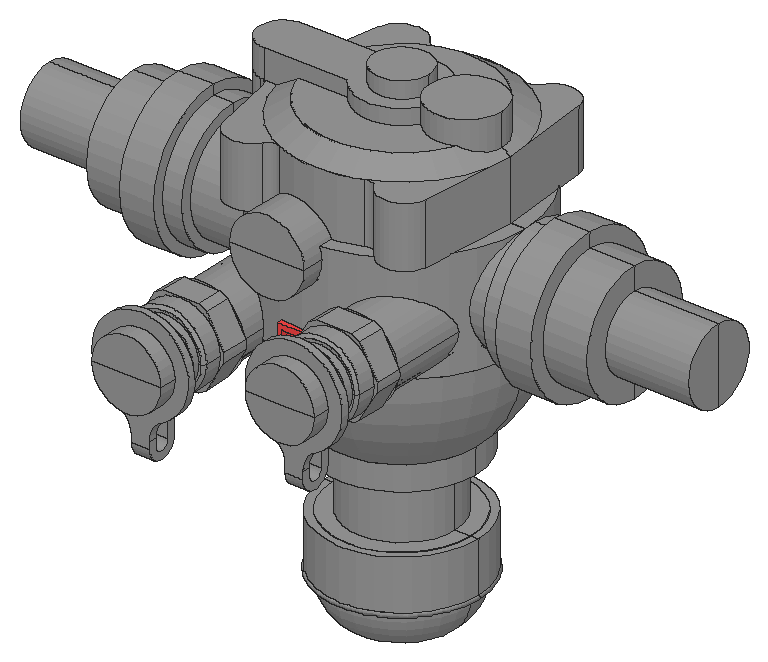
Revit family "Kombiventil 4006_M_SMART_SF_HF", category Rohrzubehör, Revit 2021
Family settings
  Bemaßung runder Anschluss = Durchmesser verwenden
  Teiletyp = Unterbricht
  OmniClass-Nummer = 23.65.55.14
  OmniClass-Titel = Valves for Liquid Services
  Arbeitsebenenbasiert = Nein
  Immer vertikal = Ja
  Beim Laden mit Abzugskörper schneiden = Nein
  Gemeinsam genutzt = Nein
Parameters (values of type "SF")
  kvs-Wert [instance] = if(and(SF, Nennweite = 15.00 mm), 1.75, if(and(HF, Nennweite = 15.00 mm), 2.62, if(and(SF, Nennweite = 20.00 mm), 2.62, if(and(HF, Nennweite = 20.00 mm), 3.54, 0))))  # 1.75
  Vorgabe-Ansicht = 0.00 mm
  VRL04 = 7.00 mm  # constant formula
  VRL03 = VRGT + 4.00 mm  # 11.00 mm
  VRL02 = 17.00 mm  # constant formula
  VRL01 = 30.00 mm  # constant formula
  VRGT = 7.00 mm  # constant formula
  VRD04 [instance] = D01 + 3.00 mm  # 13.00 mm
  VRD03 [instance] = D01 + 5.00 mm  # 15.00 mm
  VRD02 [instance] = VRD01 + 4.50 mm  # 12.00 mm
  VRD01 [instance] = Nennweite / 2  # 7.50 mm
  URL = "www.herz-armaturen.at"
  Stift = "Edelstahl 14301"  # constant formula
  SF [instance] = yes
  SCRNSEQ = "ARM;ARM_TYP=\"DURR\";2"
  SCRNCODE = "05;04;02"  # constant formula
  S04 = 25.00 mm  # constant formula
  S03 = 11.40 mm  # constant formula
  S02 = H02 - H01  # 20.10 mm
  S01 = 10.00 mm  # constant formula
  O-Ringe = "EPDM"  # constant formula
  Nennweite [instance] = 15.00 mm
  Min. Betriebstemperatur (reines Wasser) = 2 °C  # constant formula
  Min. Betriebstemperatur (Frostschutz) = -20 °C  # constant formula
  Membrangehäuse = "Messing CW602N"  # constant formula
  Membrane = "EPDM"  # constant formula
  Medium = "Wasserbeschaffenheit nach ÖNORM H 5195 und VDI 2035.\r\nDie Verwendung von Ethylen- Propylenglykol ist im Mischungsverhältnis 25 -50 Vol.-[%] zulässig."
  Max. Differenzdruck am Gehäuse = 600000.0 Pa  # constant formula
  Max. Betriebstemperatur = 130 °C  # constant formula
  Max. Betriebsdruck = 2500000.0 Pa  # constant formula
  ML01 = 29.00 mm  # constant formula
  MH03 = 9.00 mm  # constant formula
  MH02 = 3.50 mm  # constant formula
  MH01 = 8.50 mm  # constant formula
  MD01 = 7.50 mm  # constant formula
  LH01 = 5.00 mm  # constant formula
  ML04 = 17.00 mm  # constant formula
  ML03 = 4.00 mm  # constant formula
  ML02 = 14.00 mm  # constant formula
  L03 [instance] = size_lookup("4006M_S_SF_HF", "L3", 5.00 mm, Nennweite)  # 7.00 mm
  L02 = 34.00 mm  # constant formula
  L01 = 41.00 mm  # constant formula
  KH06 = 32.00 mm  # constant formula
  KH05 = 30.50 mm  # constant formula
  KH04 = 28.80 mm  # constant formula
  KH03 = 2.80 mm  # constant formula
  KH02 = 23.00 mm  # constant formula
  KH01 = 10.80 mm  # constant formula
  KD02 = 22.00 mm  # constant formula
  KD01 = 17.55 mm  # constant formula
  Impulsleitung = "Kupfer Cu-DHP (CW024A)"  # constant formula
  Hub = "4 mm"  # constant formula
  Hersteller = "HERZ Armaturen Ges.m.b.H."  # constant formula
  HF [instance] = no
  H06 = H01 + H03 - 9.00 mm  # 48.50 mm
  H05 = 5.00 mm  # constant formula
  H04 = 9.00 mm  # constant formula
  H03 = 20.50 mm  # constant formula
  H02 = 57.10 mm  # constant formula
  H01 = 37.00 mm  # constant formula
  Gehäuse = "DZR Messing CC770S"  # constant formula
  Durchfluss bei Einstellung 100% [instance] = if(and(SF, Nennweite = 15.00 mm), 0.22 L/s, if(and(HF, Nennweite = 15.00 mm), 0.33 L/s, if(and(SF, Nennweite = 20.00 mm), 0.33 L/s, if(and(HF, Nennweite = 20.00 mm), 0.56 L/s, 0.0 L/s))))  # 0.22 L/s
  Druckfeder = "Federstahl"  # constant formula
  D06 = 13.90 mm  # constant formula
  D05 = 15.00 mm  # constant formula
  D04 = 25.00 mm  # constant formula
  D03 = 19.50 mm  # constant formula
  D02 [instance] = size_lookup("4006M_S_SF_HF", "D2", 5.00 mm, Nennweite)  # 11.00 mm
  D01 [instance] = size_lookup("4006M_S_SF_HF", "D1", 5.00 mm, Nennweite)  # 10.00 mm
  Bestellnummer Verschraubung [instance] = if(Nennweite = 15.00 mm, 1622021, if(Nennweite = 20.00 mm, 1622012, 0))  # 1622021
  Bestellnummer [instance] = if(and(SF, Nennweite = 15.00 mm), 1400651, if(and(HF, Nennweite = 15.00 mm), 1400671, if(and(SF, Nennweite = 20.00 mm), 1400652, if(and(HF, Nennweite = 20.00 mm), 1400672, 0))))  # 1400651
  Bauschutzkappe = "Kunststoff"  # constant formula
  Anwendungsgebiet = "Das Kombiventil wird in allen pumpenbetriebenen Heiz- und Kühlanlagen eingesetzt.\r\nDer Regler begrenzt automatisch den Volumenstrom im gewählten Anlagenteil auf den einmal eingestellten Wert, indem alle Druckschwankungen gemessen und ausgeregelt werden.\r\nSomit sind keine Messungen erforderlich und die Regelung ist bei allen Betriebsbedingungen effektiv.\r\nDas Kombiventil regelt den Volumenstrom der ventileigenen Voreinstellung auf einen konstanten Wert; die Membran regelt aufgrund des Druckes unmittelbar nach dem Regeleinsatz, sowie des Druckes davor.\r\nDie Voreinstellung bezieht sich direkt auf den Volumenstrom; entsprechend kann die maximale Durchflussmenge bei der Montage direkt nach dem Diagramm eingestellt werden.\r\nSomit sind z.B. Heizungsstränge, Kühlwasserkreisläufe, Deckenstrahlplatten, Kühldecken und Lufterhitzer ohne Rücksicht auf die Druckverteilung in der Anlage ohne weiteres abgleichbar."
  Anschluss [instance] = if(and(SF, Nennweite = 15.00 mm), "3/4, AG flachdichtend", if(and(HF, Nennweite = 15.00 mm), "3/4, AG flachdichtend", if(and(SF, Nennweite = 20.00 mm), "1, AG flachdichtend", if(and(HF, Nennweite = 20.00 mm), "1, AG flachdichtend", "0, AG flachdichtend"))))  # "3/4, AG flachdichtend"
Types (3, lengths in mm): name | kvs-Wert | VRD04 | VRD03 | VRD02 | VRD01 | SF | Nennweite | L03 | HF | Durchfluss bei Einstellung 100% | D02 | D01 | Bestellnummer Verschraubung | Bestellnummer | Anschluss
  (no name) | 1.75 | 13.00 | 15.00 | 12.00 | 7.50 | yes | 15.00 | 7.00 | no | 0.22 L/s | 11.00 | 10.00 | 1622021 | 1400651 | "3/4, AG flachdichtend"
  SF | 1.75 | 13.00 | 15.00 | 12.00 | 7.50 | yes | 15.00 | 7.00 | no | 0.22 L/s | 11.00 | 10.00 | 1622021 | 1400651 | "3/4, AG flachdichtend"
  HF | 3.54 | 15.50 | 17.50 | 14.50 | 10.00 | no | 20.00 | 8.40 | yes | 0.56 L/s | 15.50 | 12.50 | 1622012 | 1400672 | "1, AG flachdichtend"
Reference planes
  plane 1 "Mitte (Vorne/hinten)": y = 0
  plane 2: z = 0
  plane 3 "Mitte (Links/rechts)": x = 0
Forms (mm)
  Revolve 1, solid, material "Messing, weicher Gelbton, geschweißt", detail levels fine
    sketch origin (0, 0, 0) x (1, 0, 0) y (0, 0, 1)
      loop
        line (-41, 0) -> (34, 0) -> (34, 10) -> (27, 10) -> (27, 11) -> (-34, 11) -> (-34, 10) -> (-41, 10) -> (-41, 0)
      axis (-41, 0) -> (34, 0)
    angle from 0 to 360
  Revolve 2, solid, material "Messing, weicher Gelbton, geschweißt", detail levels fine
    sketch origin (0, 0, 0) x (1, 0, 0) y (0, 0, 1)
      loop
        line (-41, 0) -> (-41, 10) -> (-34, 10) -> (-34, 13) -> (-38, 13) -> (-38, 15) -> (-45, 15) -> (-45, 12) -> (-54, 12) -> (-54, 7.5) -> (-71, 7.5) -> (-71, 0) -> (-41, 0)
      axis (-71, 0) -> (-34, 0)
    angle from 0 to 360
  Revolve 3, solid, material "Messing, weicher Gelbton, geschweißt", detail levels fine
    sketch origin (0, 0, 0) x (-1, 0, 0) y (0, 0, 1)
      loop
        line (-34, 0) -> (-34, 10) -> (-27, 10) -> (-27, 13) -> (-31, 13) -> (-31, 15) -> (-38, 15) -> (-38, 12) -> (-47, 12) -> (-47, 7.5) -> (-64, 7.5) -> (-64, 0) -> (-34, 0)
      axis (-64, 0) -> (-27, 0)
    angle from 0 to 360
  Revolve 4, solid, material "Messing, weicher Gelbton, geschweißt", detail levels fine
    sketch origin (0, 0, 0) x (1, 0, 0) y (0, 0, 1)
      loop
        line (0, -57.5) -> (13.9, -57.5) -> (13.9, -48.5) -> (10.75, -48.5) -> (10.75, -37) -> (15, -37) -> (15, -32)
        arc (15, -32) -> (22.372, -22.63) -> (25, -11) r 27.05
        line (25, -11) -> (25, 11) -> (19.5, 11) -> (19.5, 20.1) -> (0, 20.1) -> (0, -57.5)
      axis (0, 20.1) -> (0, -57.5)
    angle from 0 to 360
  Revolve 5, solid, material "Messing, weicher Gelbton, geschweißt", detail levels fine
    sketch origin (-18, 0, 8.5) x (1, 0, 0) y (0, 1, 0)
      loop
        line (14, 0) -> (14, -29) -> (21.5, -29) -> (21.5, 0) -> (14, 0)
      axis (14, 0) -> (14, -29)
    angle from 0 to 360
  Revolve 6, solid, material "Messing, weicher Gelbton, geschweißt", detail levels fine
    sketch origin (0, 0, -3.5) x (1, 0, 0) y (0, 1, 0)
      loop
        line (14, 0) -> (14, -29) -> (21.5, -29) -> (21.5, 0) -> (14, 0)
      axis (14, 0) -> (14, -29)
    angle from 0 to 360
  Revolve 7, solid, material "Messing, weicher Gelbton, geschweißt", detail levels fine
    sketch origin (-31, 0, -9) x (1, 0, 0) y (0, 1, 0)
      loop
        line (14, 0) -> (14, -29) -> (21.5, -29) -> (21.5, 0) -> (14, 0)
      axis (14, 0) -> (14, -29)
    angle from 0 to 360
  Extrusion 8, solid, material "Messing, weicher Gelbton, geschweißt", detail levels fine
    sketch origin (0, 0, 0) x (1, 0, 0) y (0, 1, 0)
      loop
        line (22, 0) -> (20.339, 19.316)
        arc (20.339, 19.316) -> (16.333, 23.302) -> (11.169, 21.006) r 5
        arc (11.169, 21.006) -> (10.07, 20.148) -> (8.677, 20.217) r 2
        arc (8.677, 20.217) -> (0, 22) -> (-8.677, 20.217) r 22
        arc (-8.677, 20.217) -> (-10.07, 20.148) -> (-11.169, 21.006) r 2
        arc (-11.169, 21.006) -> (-16.333, 23.302) -> (-20.339, 19.316) r 5
        line (-20.339, 19.316) -> (-22.758, 6.552)
        arc (-22.758, 6.552) -> (-23.338, 5.482) -> (-24.431, 4.946) r 2
        arc (-24.431, 4.946) -> (-28.7, 0) -> (-24.431, -4.946) r 5
        arc (-24.431, -4.946) -> (-23.338, -5.482) -> (-22.758, -6.552) r 2
        line (-22.758, -6.552) -> (-20.339, -19.316)
        arc (-20.339, -19.316) -> (-16.333, -23.302) -> (-11.169, -21.006) r 5
        arc (-11.169, -21.006) -> (-10.07, -20.148) -> (-8.677, -20.217) r 2
        arc (-8.677, -20.217) -> (0, -22) -> (8.677, -20.217) r 22
        arc (8.677, -20.217) -> (10.07, -20.148) -> (11.169, -21.006) r 2
        arc (11.169, -21.006) -> (16.333, -23.302) -> (20.339, -19.316) r 5
        line (20.339, -19.316) -> (22, 0)
    from 10.8 <- "KH01" to 23 <- "KH02"
  Revolve 9, solid, material "Messing, weicher Gelbton, geschweißt", detail levels fine
    sketch origin (0, 0, 0) x (1, 0, 0) y (0, 0, 1)
      loop
        line (0, 23) -> (22, 23) -> (17.55, 25.8) -> (0, 25.8) -> (0, 23)
      axis (0, 25.8) -> (0, 23)
    angle from 0 to 360
  Extrusion 10, solid, material "Messing, weicher Gelbton, geschweißt", detail levels fine
    sketch origin (0, 0, 0) x (1, 0, 0) y (0, 1, 0)
      loop
        arc (-23.7, 5) -> (-28.7, 0) -> (-23.7, -5) r 5
        line (-23.7, -5) -> (-6.997, -5)
        arc (-6.997, -5) -> (8.6, 0) -> (-6.997, 5) r 8.6
        line (-6.997, 5) -> (-23.7, 5)
    from 23 <- "KH02" to 28.8 <- "KH04"
  Extrusion 11, solid, material "Messing, weicher Gelbton, geschweißt", detail levels fine
    sketch origin (0, 0, 0) x (1, 0, 0) y (0, 1, 0)
      loop
        circle (13, 0) r 7.2
    from 23 <- "KH02" to 30.5 <- "KH05"
  Extrusion 12, solid, material "Messing, weicher Gelbton, geschweißt", detail levels fine
    sketch origin (0, 0, 0) x (1, 0, 0) y (0, 1, 0)
      loop
        circle (0, 0) r 5.5
    from 23 <- "KH02" to 32 <- "KH06"
Lines and regions (mm)
  model lines, detail levels coarse+medium
    curve 1: line (-41, 0, 11) -> (-41, 0, -11)
    curve 2: line (-41, 0, -11) -> (34, 0, 11)
    curve 3: line (34, 0, 11) -> (34, 0, -11)
    curve 4: line (34, 0, -11) -> (-41, 0, 11)
    curve 5: line (-41, 0, 11) -> (-51, 0, 11)
    curve 6: line (-51, 0, 11) -> (-41, 0, 0)
    curve 7: line (-41, 0, -11) -> (-51, 0, -11)
    curve 8: line (-51, 0, -11) -> (-41, 0, 0)
    curve 9: line (-41, 0, 0) -> (-71, 0, 0)
    curve 10: line (34, 0, 11) -> (44, 0, 11)
    curve 11: line (44, 0, 11) -> (34, 0, 0)
    curve 12: line (34, 0, -11) -> (44, 0, -11)
    curve 13: line (44, 0, -11) -> (34, 0, 0)
    curve 14: line (34, 0, 0) -> (64, 0, 0)
    curve 15: line (-22.25, 0, 5.5) -> (-3.5, 0, 11)
    curve 16: line (-3.5, 0, 11) -> (15.25, 0, 5.5)
    curve 17: line (-3.5, 0, 11) -> (-3.5, 0, 20.1)
    curve 18: spline (-3.5, 0, 31.5) -> (2.97, 0, 31.306) -> (9, 0, 30.736) -> (14.178, 0, 29.831) -> (18.151, 0, 28.65) -> (20.648, 0, 27.275) -> (21.5, 0, 25.8) -> (20.648, 0, 24.325) -> (18.151, 0, 22.95) -> (14.178, 0, 21.769) -> (9, 0, 20.864) -> (2.97, 0, 20.294) -> (-3.5, 0, 20.1) -> (-9.97, 0, 20.294) -> (-16, 0, 20.864) -> (-21.178, 0, 21.769) -> (-25.151, 0, 22.95) -> (-27.648, 0, 24.325) -> (-28.5, 0, 25.8) -> (-27.648, 0, 27.275) -> (-25.151, 0, 28.65) -> (-21.178, 0, 29.831) -> (-16, 0, 30.736) -> (-9.97, 0, 31.306) -> (-3.5, 0, 31.5)
    curve 19: line (-41, 11, 0) -> (-41, -11, 0)
    curve 20: line (-41, -11, 0) -> (34, 11, 0)
    curve 21: line (34, 11, 0) -> (34, -11, 0)
    curve 22: line (34, -11, 0) -> (-41, 11, 0)
    curve 23: line (-41, 11, 0) -> (-51, 11, 0)
    curve 24: line (-51, 11, 0) -> (-41, 0, 0)
    curve 25: line (-41, -11, 0) -> (-51, -11, 0)
    curve 26: line (-51, -11, 0) -> (-41, 0, 0)
    curve 27: line (34, 11, 0) -> (44, 11, 0)
    curve 28: line (44, 11, 0) -> (34, 0, 0)
    curve 29: line (34, -11, 0) -> (44, -11, 0)
    curve 30: line (44, -11, 0) -> (34, 0, 0)
    curve 31: line (-22.25, 5.5, 0) -> (-3.5, 13.039, 0)
    curve 32: line (-3.5, 13.039, 0) -> (15.25, 5.5, 0)
    curve 33: line (-3.5, 13.039, 0) -> (-3.5, 20.1, 0)
    curve 34: spline (-3.5, 31.5, 0) -> (-9.97, 31.306, 0) -> (-16, 30.736, 0) -> (-21.178, 29.831, 0) -> (-25.151, 28.65, 0) -> (-27.648, 27.275, 0) -> (-28.5, 25.8, 0) -> (-27.648, 24.325, 0) -> (-25.151, 22.95, 0) -> (-21.178, 21.769, 0) -> (-16, 20.864, 0) -> (-9.97, 20.294, 0) -> (-3.5, 20.1, 0) -> (2.97, 20.294, 0) -> (9, 20.864, 0) -> (14.178, 21.769, 0) -> (18.151, 22.95, 0) -> (20.648, 24.325, 0) -> (21.5, 25.8, 0) -> (20.648, 27.275, 0) -> (18.151, 28.65, 0) -> (14.178, 29.831, 0) -> (9, 30.736, 0) -> (2.97, 31.306, 0) -> (-3.5, 31.5, 0)
Dimensions and locks
  "L03": Revolve 1 sketch curve to Revolve 1 sketch curve  (x2)
  "D01": Revolve 1 sketch curve to plane 2  (x2)
  "D02": Revolve 1 sketch curve to plane 2
  "L01": Revolve 1 sketch curve to plane 3 "Mitte (Links/rechts)"
  "L02": Revolve 1 sketch curve to plane 3 "Mitte (Links/rechts)"
  "L01": plane 3 "Mitte (Links/rechts)" to Revolve 2 sketch curve
  "VRL01": Revolve 2 sketch curve to Revolve 2 sketch curve
  "VRL02": Revolve 2 sketch curve to Revolve 2 sketch curve
  "VRGT": Revolve 2 sketch curve to Revolve 2 sketch curve
  "VRL03": Revolve 2 sketch curve to Revolve 2 sketch curve
  "VRL04": Revolve 2 sketch curve to Revolve 2 sketch curve
  "D01": Revolve 2 sketch curve to plane 2
  "VRD04": Revolve 2 sketch curve to plane 2
  "VRD01": Revolve 2 sketch curve to plane 2
  "VRD02": Revolve 2 sketch curve to plane 2
  "VRD03": Revolve 2 sketch curve to plane 2
  "VRL01": Revolve 3 sketch curve to Revolve 3 sketch curve
  "VRL02": Revolve 3 sketch curve to Revolve 3 sketch curve
  "VRGT": Revolve 3 sketch curve to Revolve 3 sketch curve
  "VRL03": Revolve 3 sketch curve to Revolve 3 sketch curve
  "VRL04": Revolve 3 sketch curve to Revolve 3 sketch curve
  "L02": Revolve 3 sketch curve to plane 3 "Mitte (Links/rechts)"
  "VRD01": Revolve 3 sketch curve to plane 2
  "VRD02": Revolve 3 sketch curve to plane 2
  "VRD03": Revolve 3 sketch curve to plane 2
  "D01": Revolve 3 sketch curve to plane 2
  "VRD04": Revolve 3 sketch curve to plane 2
  "D05": Revolve 4 sketch curve to plane 3 "Mitte (Links/rechts)"
  "H01": plane 2 to Revolve 4 sketch curve
  "H03": Revolve 4 sketch curve to Revolve 4 sketch curve
  "H05": Revolve 4 sketch curve to Revolve 4 sketch curve
  "H04": Revolve 4 sketch curve to Revolve 4 sketch curve
  "D06": Revolve 4 sketch curve to plane 3 "Mitte (Links/rechts)"
  "H02": Revolve 4 sketch curve to Revolve 4 sketch curve
  "D02": Revolve 4 sketch curve to plane 2  (x2)
  "D02": plane 2 to Revolve 4 sketch curve
  "D04": Revolve 4 sketch curve to plane 3 "Mitte (Links/rechts)"
  "D03": Revolve 4 sketch curve to plane 3 "Mitte (Links/rechts)"
  "H06": plane 2 to nested 1
  "MD01": Revolve 5 sketch curve to Revolve 5 sketch curve
  "MH01": Revolve 5 to plane 2
  "ML03": Revolve 5 sketch curve to plane 3 "Mitte (Links/rechts)"  (x2)
  "ML01": Revolve 5 sketch curve to plane 1 "Mitte (Vorne/hinten)"
  "MD01": Revolve 6 sketch curve to Revolve 6 sketch curve
  "MH02": plane 2 to Revolve 6
  "ML01": Revolve 6 sketch curve to plane 1 "Mitte (Vorne/hinten)"
  "ML02": nested 1 to Revolve 6 sketch curve  (x2)
  "MD01": Revolve 7 sketch curve to Revolve 7 sketch curve
  "MH03": plane 2 to Revolve 7
  "ML04": Revolve 7 sketch curve to plane 3 "Mitte (Links/rechts)"  (x2)
  "ML01": Revolve 7 sketch curve to plane 1 "Mitte (Vorne/hinten)"
  "D04": nested 2 to plane 1 "Mitte (Vorne/hinten)"
  "LH01": plane 2 to nested 2
  "ML01": nested 3 to plane 1 "Mitte (Vorne/hinten)"
  "ML01": nested 4 to plane 1 "Mitte (Vorne/hinten)"
  "MH03": plane 2 to nested 3
  "ML04": plane 3 "Mitte (Links/rechts)" to nested 3
  "MH02": plane 2 to nested 4
  "ML02": nested 4 to plane 3 "Mitte (Links/rechts)"
  "KH02": Revolve 9 sketch curve to plane 2
  "KD01": Revolve 9 sketch curve to plane 3 "Mitte (Links/rechts)"
  "KD02": Revolve 9 sketch curve to plane 3 "Mitte (Links/rechts)"
  "KH03": Revolve 9 sketch curve to Revolve 9 sketch curve
  nested 1 to Extrusion 11 sketch curve = 13.00 mm
  "L01": curve 1 to plane 3 "Mitte (Links/rechts)"
  "L02": curve 3 to plane 3 "Mitte (Links/rechts)"
  "D02": curve 4 to plane 2 to curve 2
  "D02": curve 3 to plane 2 to curve 4
  "S01": curve 6 to curve 1
  "S01": curve 8 to curve 1
  "VRL01": curve 9 to curve 1
  "S01": curve 3 to curve 11
  "S01": curve 3 to curve 13
  "VRL01": curve 3 to curve 14
  equal spacing: curve 1, curve 16, curve 3
  equal spacing: curve 1, curve 15, curve 16
  equal spacing: curve 16, curve 16, curve 3
  "D02": curve 16 to plane 2
  "S02": curve 17 to plane 2
  "S03": curve 18 to curve 18
  equal spacing: curve 1, curve 18, curve 3
  "S04": curve 18 to curve 18
  "L01": curve 19 to plane 3 "Mitte (Links/rechts)"
  "L02": plane 3 "Mitte (Links/rechts)" to curve 21
  "D02": curve 20 to plane 1 "Mitte (Vorne/hinten)" to curve 22
  "D02": curve 22 to plane 1 "Mitte (Vorne/hinten)" to curve 21
  "S01": curve 24 to curve 19
  "S01": curve 26 to curve 19
  "S01": curve 21 to curve 28
  "S01": curve 21 to curve 30
  equal spacing: curve 19, curve 31, curve 18
  equal spacing: curve 18, curve 32, curve 21
  equal spacing: curve 19, curve 32, curve 21
  "S02": plane 1 "Mitte (Vorne/hinten)" to curve 33
  "S04": curve 34 to curve 34
  "S03": curve 34 to curve 34
  equal spacing: curve 19, curve 34, curve 21
  aligned and locked: level to plane 2
Automatic sketch dimensions
  Extrusion 8 sketch curve to Extrusion 8 sketch curve = 0.00 mm  (x7)
  plane 1 "Mitte (Vorne/hinten)" to Extrusion 8 sketch curve = 0.00 mm  (x3)
  Extrusion 8 sketch curve to plane 3 "Mitte (Links/rechts)" = 0.00 mm
  Extrusion 8 sketch curve to plane 3 "Mitte (Links/rechts)" = 9.466 mm  (x2)
  Extrusion 8 sketch curve to Extrusion 8 sketch curve = 5.961 mm  (x4)
  Extrusion 8 sketch curve to Extrusion 8 sketch curve = 4.913 mm  (x4)
  Extrusion 8 sketch curve to plane 1 "Mitte (Vorne/hinten)" = 6.552 mm
  Extrusion 8 sketch curve to Extrusion 8 sketch curve = 2.419 mm  (x2)
  plane 1 "Mitte (Vorne/hinten)" to Extrusion 8 sketch curve = 6.552 mm
  Extrusion 8 sketch curve to Extrusion 8 sketch curve = 0.942 mm
  Extrusion 8 sketch curve to Extrusion 8 sketch curve = 1.965 mm  (x2)
  plane 3 "Mitte (Links/rechts)" to Extrusion 8 sketch curve = 9.466 mm  (x2)
  Extrusion 8 sketch curve to Extrusion 8 sketch curve = 0.372 mm  (x2)
  plane 1 "Mitte (Vorne/hinten)" to Extrusion 8 sketch curve = 18.385 mm
  Extrusion 8 sketch curve to Extrusion 8 sketch curve = 11.833 mm  (x2)
  Extrusion 8 sketch curve to Extrusion 8 sketch curve = 0.931 mm  (x4)
  Extrusion 8 sketch curve to Extrusion 8 sketch curve = 3.669 mm  (x4)
  Extrusion 8 sketch curve to plane 1 "Mitte (Vorne/hinten)" = 18.385 mm
  Extrusion 8 sketch curve to Extrusion 8 sketch curve = 0.789 mm  (x2)
  Extrusion 8 sketch curve to Extrusion 8 sketch curve = 1.661 mm
  plane 1 "Mitte (Vorne/hinten)" to Extrusion 10 sketch curve = 0.00 mm  (x2)
  Extrusion 10 sketch curve to plane 3 "Mitte (Links/rechts)" = 6.997 mm
  Extrusion 10 sketch curve to plane 1 "Mitte (Vorne/hinten)" = 5.00 mm
  Extrusion 10 sketch curve to plane 3 "Mitte (Links/rechts)" = 0.00 mm
  Extrusion 10 sketch curve to Extrusion 10 sketch curve = 23.70 mm
  plane 1 "Mitte (Vorne/hinten)" to Extrusion 11 sketch curve = 0.00 mm
  plane 1 "Mitte (Vorne/hinten)" to Extrusion 12 sketch curve = 0.00 mm
  Extrusion 12 sketch curve to plane 3 "Mitte (Links/rechts)" = 0.00 mm
  curve 6 to level = 0.00 mm
  curve 13 to level = 0.00 mm
  plane 1 "Mitte (Vorne/hinten)" to curve 24 = 0.00 mm
  plane 1 "Mitte (Vorne/hinten)" to curve 30 = 0.00 mm
  curve 31 to curve 33 = 7.061 mm
  Revolve 1 sketch curve to level = 0.00 mm  (x2)
  Revolve 1 sketch curve to Revolve 1 sketch curve = 1469.03 mm
  Revolve 1 sketch curve to Revolve 1 sketch curve = 1801.648 mm
  Revolve 2 sketch curve to level = 0.00 mm  (x2)
  Revolve 2 sketch curve to Revolve 2 sketch curve = 1435.53 mm
  plane 3 "Mitte (Links/rechts)" to Revolve 2 sketch curve = 1839.148 mm
  Revolve 3 sketch curve to level = 0.00 mm  (x2)
  Revolve 3 sketch curve to Revolve 3 sketch curve = 1435.53 mm
  plane 3 "Mitte (Links/rechts)" to Revolve 3 sketch curve = 1839.148 mm
  Revolve 4 sketch curve to plane 3 "Mitte (Links/rechts)" = 0.00 mm  (x2)
  Revolve 4 sketch curve to Revolve 4 sketch curve = 4.25 mm
  Revolve 4 sketch curve to Revolve 4 sketch curve = 308.545 mm
  Revolve 4 sketch curve to Revolve 4 sketch curve = 2194.215 mm
  plane 1 "Mitte (Vorne/hinten)" to Revolve 5 sketch curve = 0.00 mm
  Revolve 5 sketch curve to Revolve 5 sketch curve = 7.506 mm
  Revolve 5 sketch curve to Revolve 5 sketch curve = 2.881 mm
  plane 1 "Mitte (Vorne/hinten)" to Revolve 6 sketch curve = 0.00 mm
  Revolve 6 sketch curve to Revolve 6 sketch curve = 7.506 mm
  Revolve 6 sketch curve to Revolve 6 sketch curve = 2.881 mm
  plane 1 "Mitte (Vorne/hinten)" to Revolve 7 sketch curve = 0.00 mm
  Revolve 7 sketch curve to Revolve 7 sketch curve = 6.829 mm
  Revolve 7 sketch curve to Revolve 7 sketch curve = 2.881 mm
  Revolve 9 sketch curve to plane 3 "Mitte (Links/rechts)" = 0.00 mm  (x2)
  Revolve 9 sketch curve to level = 366.045 mm
  Revolve 9 sketch curve to Revolve 9 sketch curve = 2188.515 mm
  radius of Extrusion 11 sketch curve = 7.20 mm
  radius of Extrusion 12 sketch curve = 5.50 mm
Nested families
  nested 1: "Bauschutzkappe" at (0, 0, -48.5), type "Bauschutzkappe", detail levels fine
  nested 2: "Herz-Logo-vorne" at (0, -25, -9.5) x (0, 1, 0) z (0, 0, 1), type "Herz-Logo-vorne", detail levels fine
  nested 3: "Messstutzen_Band_Eintritt" at (-17, -11.5, -9), type "Messstutzen_Band_Eintritt", detail levels fine
    with Schutzkappe yes, Nennweite 0.00 mm, Gewicht 0.00 kg, Bestellnummer 0
  nested 4: "Messstutzen_Band_Austritt" at (14, -11.5, -3.5), type "Messstutzen_Band_Austritt", detail levels fine
    with Schutzkappe yes, Nennweite 0.00 mm, Gewicht 0.00 kg, Bestellnummer 0
Connectors
  piping at (-71, 0, 0), diameter 15, driven by "Nennweite"
    settings: on Revolve 2, index 1, connector inside diameter 609.6 mm, connector length 0.00 mm, flow factor 0, pipe flow 0.0 L/s, pressure drop 0.0 Pa, fitting loss kfactor 0, connector angle 0.00°, fixture units 0, engagement length 0.00 mm, angle of deflection 0.00°, flow configuration 0, flow direction 1, fitting loss method 0, system type 29, joint type 0, gender type 0, connector reference index -1, connector utility 0, adjustable connector no, is connector primary yes, connector description ""
  piping at (64, 0, 0), diameter 15, driven by "Nennweite"
    settings: on Revolve 3, index 2, connector inside diameter 609.6 mm, connector length 0.00 mm, flow factor 0, pipe flow 0.0 L/s, pressure drop 0.0 Pa, fitting loss kfactor 0, connector angle 0.00°, fixture units 0, engagement length 0.00 mm, angle of deflection 0.00°, flow configuration 0, flow direction 2, fitting loss method 0, system type 29, joint type 0, gender type 0, connector reference index -1, connector utility 0, adjustable connector no, is connector primary no, connector description ""
Definition of nested family "Bauschutzkappe"
  Parameters (values of type "Bauschutzkappe")
    Default Elevation = 0.00 mm
  Reference planes
    plane 1 "Mitte (Vorne/hinten)": y = 0
    plane 2: z = 0
    plane 3 "Mitte (Links/rechts)": x = 0
  Forms (mm)
    Revolve 1, solid, detail levels fine
      sketch origin (0, 0, 0) x (1, 0, 0) y (0, 0, 1)
        loop
          line (0, 0) -> (-15.5, 0) -> (-15.5, -10.067)
          arc (-15.5, -10.067) -> (-15.733, -10.629) -> (-15.25, -11) r 0.5
          line (-15.25, -11) -> (-14.093, -11)
          arc (-14.093, -11) -> (-11.457, -17.364) -> (-5.093, -20) r 9
          line (-5.093, -20) -> (0, -20) -> (0, 0)
        axis (0, 0) -> (0, -20)
      angle from 0 to 360
  Dimensions and locks
    aligned and locked: level to plane 2
Definition of nested family "Herz-Logo-vorne"
  Parameters (values of type "Herz-Logo-vorne")
    Default Elevation = 0.00 mm
  Reference planes
    plane 1 "Mitte (Vorne/hinten)": y = 0
    plane 2: z = 0
    plane 3 "Mitte (Links/rechts)": x = 0
  Forms (mm)
    Extrusion 1, solid
      sketch origin (0.732, -0.018, 0.017) x (0, -1, 0) y (0, 0, 1)
        loop
          line (-0.018, -4.517) -> (4.482, -4.517) -> (4.482, 4.483) -> (-4.518, 4.483) -> (-4.518, -4.517) -> (-0.018, -4.517)
        loop
          line (-0.05, -3.48) -> (3.482, -3.48) -> (3.482, 3.483) -> (-3.518, 3.483) -> (-3.518, -3.48) -> (-0.05, -3.48)
        loop
          arc (-0.018, 2.383) -> (-1.543, 3.287) -> (-3.067, 2.383) r 1.738
          arc (-3.067, 2.383) -> (-3.191, 1.899) -> (-3.067, 1.415) r 1.009
          line (-3.067, 1.415) -> (-0.018, -3.281) -> (3.032, 1.415)
          arc (3.032, 1.415) -> (3.156, 1.899) -> (3.032, 2.383) r 1.009
          arc (3.032, 2.383) -> (1.507, 3.287) -> (-0.018, 2.383) r 1.738
        loop
          arc (1.885, 1.272) -> (2.005, 1.675) -> (1.885, 2.079) r 0.74
          arc (1.885, 2.079) -> (1.265, 2.416) -> (0.644, 2.079) r 0.74
          line (0.644, 2.079) -> (-0.018, 0.97) -> (-0.679, 2.079)
          arc (-0.679, 2.079) -> (-1.3, 2.416) -> (-1.921, 2.079) r 0.74
          arc (-1.921, 2.079) -> (-2.04, 1.675) -> (-1.921, 1.272) r 0.74
          line (-1.921, 1.272) -> (-0.018, -1.658) -> (1.885, 1.272)
      from 0 to 1.5
  Dimensions and locks
    aligned and locked: level to plane 2
Definition of nested family "Messstutzen_Band_Eintritt"
  Parameters (values of type "Messstutzen_Band_Eintritt")
    Default Elevation = 0.00 mm
    URL = "www.herz-armaturen.at"
    Schutzkappe [instance] = yes
    Nennweite [instance] = 0.00 mm
    Manufacturer = "Herz Armaturen GmbH"  # constant formula
    Gewicht [instance] = 0.00 kg
    Bestellnummer [instance] = 0
  Reference planes
    plane 1 "Mitte (Vorne/hinten)": y = 0
    plane 2: z = 0
    plane 3 "Mitte (Links/rechts)": x = 0
    plane 4 "Schlaufe 1": y = -27
    plane 5 "Schlaufe 2": y = -31.678
  Forms (mm)
    Revolve 1, solid, detail levels fine
      sketch origin (0, 0, 0) x (1, 0, 0) y (0, 1, 0)
        loop
          line (-7.4, -9) -> (-7.4, -16.5)
          arc (-7.4, -16.5) -> (-7.693, -17.207) -> (-8.4, -17.5) r 1
          line (-8.4, -17.5) -> (-2, -17.5) -> (-2, 0) -> (-5.555, 0) -> (-6.455, -0.9) -> (-6.455, -4.681) -> (-5.843, -5.293)
          arc (-5.843, -5.293) -> (-5.626, -5.617) -> (-5.55, -6) r 1
          line (-5.55, -6) -> (-5.55, -9) -> (-7.4, -9)
        loop
          line (-3.7, -27) -> (-3.7, -30.45) -> (-4.415, -30.863) -> (-4.415, -35.19) -> (-3.805, -35.8) -> (-2, -35.8) -> (-2, -23) -> (-7.9, -23) -> (-7.9, -26.4) -> (-7.3, -27) -> (-3.7, -27)
        axis (0, 0) -> (0, -35.8)
      angle from 0 to 360
    Extrusion 2, solid, detail levels fine
      sketch origin (0, -17.5, 0) x (-1, 0, 0) y (0, 0, -1)
        loop
          line (5.156, -7.07) -> (8.7, -0.93)
          arc (8.7, -0.93) -> (8.75, 0) -> (8.7, 0.93) r 8.75
          line (8.7, 0.93) -> (5.156, 7.07)
          arc (5.156, 7.07) -> (4.375, 7.578) -> (3.544, 8) r 8.75
          line (3.544, 8) -> (-3.544, 8)
          arc (-3.544, 8) -> (-4.375, 7.578) -> (-5.156, 7.07) r 8.75
          line (-5.156, 7.07) -> (-8.7, 0.93)
          arc (-8.7, 0.93) -> (-8.75, 0) -> (-8.7, -0.93) r 8.75
          line (-8.7, -0.93) -> (-5.156, -7.07)
          arc (-5.156, -7.07) -> (-4.375, -7.578) -> (-3.544, -8) r 8.75
          line (-3.544, -8) -> (3.544, -8)
          arc (3.544, -8) -> (4.375, -7.578) -> (5.156, -7.07) r 8.75
      from 0 to 5.5
    Revolve 3, solid, visible <- "Schutzkappe", detail levels fine
      sketch origin (0, 0, 0) x (1, 0, 0) y (0, 1, 0)
        loop
          line (0, -35.878) -> (-3.805, -35.878) -> (-4.415, -35.268) -> (-4.415, -30.178) -> (-6.9, -30.178) -> (-6.9, -31.678) -> (-6.1, -31.678) -> (-6.1, -33.378) -> (-7, -33.378) -> (-7, -36.678) -> (0, -36.678) -> (0, -35.878)
        axis (0, -30.178) -> (0, -36.678)
      angle from 0 to 360
    Extrusion 4, solid, detail levels fine
      sketch origin (0, -27, 0) x (0, 0, -1) y (-1, 0, 0)
        loop
          circle (0, 0) r 3.7
        loop
          arc (5.505, 3.906) -> (-6.75, 0) -> (5.505, -3.906) r 6.75
          arc (5.505, -3.906) -> (7.288, -2.358) -> (9.582, -1.8) r 5
          line (9.582, -1.8) -> (9.582, 1.8)
          arc (9.582, 1.8) -> (7.288, 2.358) -> (5.505, 3.906) r 5
      from 0 to -1.5
    Extrusion 5, solid, detail levels fine
      sketch origin (0, -31.678, 0) x (0, 0, -1) y (-1, 0, 0)
        loop
          circle (0, 0) r 6.1
        loop
          arc (8.652, 4.495) -> (-9.75, 0) -> (8.652, -4.495) r 9.75
          arc (8.652, -4.495) -> (10.493, -2.527) -> (13.089, -1.8) r 5
          line (13.089, -1.8) -> (13.089, 1.8)
          arc (13.089, 1.8) -> (10.493, 2.527) -> (8.652, 4.495) r 5
      from 0 to -1.5
    Sweep 6, solid, detail levels fine
      path origin (0, 0, 0) x (0, 1, 0) y (0, 0, 1)
        loop
          line (-27.75, -9.582) -> (-27.75, -14.522)
          arc (-27.75, -14.522) -> (-30.089, -16.862) -> (-32.428, -14.522) r 2.339
          line (-32.428, -14.522) -> (-32.428, -13.089)
      profile origin (0, -27.75, -12.052) x (1, 0, 0) y (0, 1, 0)
        loop
          line (-1.8, 0.75) -> (-1.8, -0.75) -> (1.8, -0.75) -> (1.8, 0.75) -> (-1.8, 0.75)
  Cuts and joins
    joined: Extrusion 4, Extrusion 5, Sweep 6
  Dimensions and locks
    aligned and locked: level to plane 2
Definition of nested family "Messstutzen_Band_Austritt"
  Parameters (values of type "Messstutzen_Band_Austritt")
    Default Elevation = 0.00 mm
    URL = "www.herz-armaturen.at"
    Schutzkappe [instance] = yes
    Nennweite [instance] = 0.00 mm
    Manufacturer = "Herz Armaturen GmbH"  # constant formula
    Gewicht [instance] = 0.00 kg
    Bestellnummer [instance] = 0
  Reference planes
    plane 1 "Mitte (Vorne/hinten)": y = 0
    plane 2: z = 0
    plane 3 "Mitte (Links/rechts)": x = 0
    plane 4 "Schlaufe 1": y = -27
    plane 5 "Schlaufe 2": y = -31.678
  Forms (mm)
    Revolve 1, solid, detail levels fine
      sketch origin (0, 0, 0) x (1, 0, 0) y (0, 1, 0)
        loop
          line (-7.4, -9) -> (-7.4, -16.5)
          arc (-7.4, -16.5) -> (-7.693, -17.207) -> (-8.4, -17.5) r 1
          line (-8.4, -17.5) -> (-2, -17.5) -> (-2, 0) -> (-5.555, 0) -> (-6.455, -0.9) -> (-6.455, -4.681) -> (-5.843, -5.293)
          arc (-5.843, -5.293) -> (-5.626, -5.617) -> (-5.55, -6) r 1
          line (-5.55, -6) -> (-5.55, -9) -> (-7.4, -9)
        loop
          line (-3.7, -27) -> (-3.7, -30.45) -> (-4.415, -30.863) -> (-4.415, -35.19) -> (-3.805, -35.8) -> (-2, -35.8) -> (-2, -23) -> (-7.9, -23) -> (-7.9, -26.4) -> (-7.3, -27) -> (-3.7, -27)
        axis (0, 0) -> (0, -35.8)
      angle from 0 to 360
    Extrusion 2, solid, detail levels fine
      sketch origin (0, -17.5, 0) x (-1, 0, 0) y (0, 0, -1)
        loop
          line (5.156, -7.07) -> (8.7, -0.93)
          arc (8.7, -0.93) -> (8.75, 0) -> (8.7, 0.93) r 8.75
          line (8.7, 0.93) -> (5.156, 7.07)
          arc (5.156, 7.07) -> (4.375, 7.578) -> (3.544, 8) r 8.75
          line (3.544, 8) -> (-3.544, 8)
          arc (-3.544, 8) -> (-4.375, 7.578) -> (-5.156, 7.07) r 8.75
          line (-5.156, 7.07) -> (-8.7, 0.93)
          arc (-8.7, 0.93) -> (-8.75, 0) -> (-8.7, -0.93) r 8.75
          line (-8.7, -0.93) -> (-5.156, -7.07)
          arc (-5.156, -7.07) -> (-4.375, -7.578) -> (-3.544, -8) r 8.75
          line (-3.544, -8) -> (3.544, -8)
          arc (3.544, -8) -> (4.375, -7.578) -> (5.156, -7.07) r 8.75
      from 0 to 5.5
    Revolve 3, solid, visible <- "Schutzkappe", detail levels fine
      sketch origin (0, 0, 0) x (1, 0, 0) y (0, 1, 0)
        loop
          line (0, -35.878) -> (-3.805, -35.878) -> (-4.415, -35.268) -> (-4.415, -30.178) -> (-6.9, -30.178) -> (-6.9, -31.678) -> (-6.1, -31.678) -> (-6.1, -33.378) -> (-7, -33.378) -> (-7, -36.678) -> (0, -36.678) -> (0, -35.878)
        axis (0, -30.178) -> (0, -36.678)
      angle from 0 to 360
    Extrusion 4, solid, detail levels fine
      sketch origin (0, -27, 0) x (0, 0, -1) y (-1, 0, 0)
        loop
          circle (0, 0) r 3.7
        loop
          arc (5.505, 3.906) -> (-6.75, 0) -> (5.505, -3.906) r 6.75
          arc (5.505, -3.906) -> (7.288, -2.358) -> (9.582, -1.8) r 5
          line (9.582, -1.8) -> (9.582, 1.8)
          arc (9.582, 1.8) -> (7.288, 2.358) -> (5.505, 3.906) r 5
      from 0 to -1.5
    Extrusion 5, solid, detail levels fine
      sketch origin (0, -31.678, 0) x (0, 0, -1) y (-1, 0, 0)
        loop
          circle (0, 0) r 6.1
        loop
          arc (8.652, 4.495) -> (-9.75, 0) -> (8.652, -4.495) r 9.75
          arc (8.652, -4.495) -> (10.493, -2.527) -> (13.089, -1.8) r 5
          line (13.089, -1.8) -> (13.089, 1.8)
          arc (13.089, 1.8) -> (10.493, 2.527) -> (8.652, 4.495) r 5
      from 0 to -1.5
    Sweep 6, solid, detail levels fine
      path origin (0, 0, 0) x (0, 1, 0) y (0, 0, 1)
        loop
          line (-27.75, -9.582) -> (-27.75, -14.522)
          arc (-27.75, -14.522) -> (-30.089, -16.862) -> (-32.428, -14.522) r 2.339
          line (-32.428, -14.522) -> (-32.428, -13.089)
      profile origin (0, -27.75, -12.052) x (1, 0, 0) y (0, 1, 0)
        loop
          line (-1.8, 0.75) -> (-1.8, -0.75) -> (1.8, -0.75) -> (1.8, 0.75) -> (-1.8, 0.75)
  Cuts and joins
    joined: Extrusion 4, Extrusion 5, Sweep 6
  Dimensions and locks
    aligned and locked: level to plane 2
